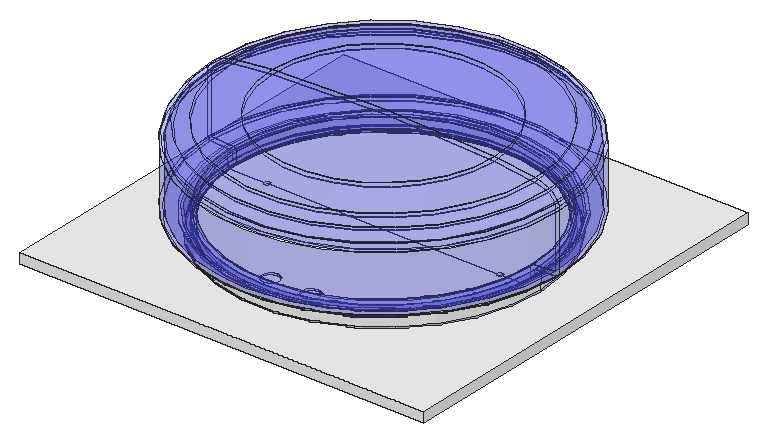
Revit family "BE_50041_de_DE", category Leuchten, Revit 2020
Family settings
  Basisbauteil = Fläche
  Bemaßung runder Anschluss = Durchmesser verwenden
  Teiletyp = Normal
  Beim Laden mit Abzugskörper schneiden = Ja
  Lichtquelle = Ja
  Gemeinsam genutzt = Nein
  Raumberechnungspunkt = Ja
Parameters (values of type "BEGA_50041_K3")
  built-in parameter 1150104 = 11.585 (stored number, unit not read)
  Wattage = 16.8 W
  Default Elevation = 0 mm
  built-in parameter 1150113 = 1 (stored number, unit not read)
  built-in parameter 1114218 = 1 (stored number, unit not read)
  Umgebungstemperatur = "25 °C"
  URL = "https://www.bega.com/de/produkt/50041"
  Typenkommentare = "© 2022 BEGA. Wir behalten uns das Recht vor, technische Änderungen ohne vorherige Ankündigung vorzunehmen."  # constant formula
  built-in parameter 1150134 = (empty or 0)
  built-in parameter 1150109 = 1 (stored number, unit not read)
  Strom = ""
  built-in parameter 1150110 = 1 (stored number, unit not read)
  Spannung = 230 V
  Sonderanfertigung = no
  Seriennummer [instance] = "Hier können Sie die eindeutige Seriennummer für das Facility Management eintragen."
  Schutzklasse = "I"
  Schutzart = "IP 20"
  Scheinlast = 0 VA
  Produktdatenblatt = "http://www.bega.de/download/Xrfa/db/50041.db.de.pdf"
  Oberflächentemperatur = ""
  Neigungswinkel = 0.00°
  Model = "50041K2"
  Material_17 = BEGA_Reflektor
  Material_15 = BEGA_Leuchtmedium_matt
  Material_11 = BEGA_Glas_opal
  Material_09 = BEGA_Glas_klar
  Material_06 = BEGA_Oberfläche_Edelstahl_gebürstet
  Material_03 = BEGA_Oberfläche_Weiss_matt
  Material_02 = BEGA_Oberfläche_Silber_matt
  Material_01 [instance] = BEGA_Oberfläche_Grafit_matt
  M_W = no
  M_G = no
  M_A = no
  Logo = 0
  built-in parameter 1114217 = 1 (stored number, unit not read)
  built-in parameter 1150139 = (empty or 0)
  built-in parameter 1150105 = 166.71 (stored number, unit not read)
  built-in parameter 1150114 = 1 (stored number, unit not read)
  Lumens = 2094.96 lm
  built-in parameter 1150115 = 1 (stored number, unit not read)
  Leuchtenlichtstrom = "1277 lm"
  Leuchtenanzahl = ""
  Lebensdauerkriterien = "L70B50 @ 25 °C = 190000 h"
  Lastklassifizierung = Beleuchtung
  built-in parameter 1150112 = 1 (stored number, unit not read)
  Lampenlichtstrom = "2095 lm"
  Lamp = "LED 16.8 W"
  LED_Modulbezeichnung = "LED-0511/927"
  Hersteller = "BEGA"  # constant formula
  Halbstreuwinkel = ""
  Gewicht = "3.25 kg"
  Gebrauchslageneinschränkung [instance] = ""
  Frequenz = "50 Hz"
  Farbwiedergabeindex = "CRI > 90"
  Farbtemperaturverschiebung bei Dämpfen der Lampe = <Keine Auswahl>
  Farbtemperatur = "2700 K"
  Color Filter = 16777215
  built-in parameter 1150133 = 10 (stored number, unit not read)
  Energieeffizienzklasse = "LED A++ - A"
  built-in parameter 1150137 = (empty or 0)
  built-in parameter 1150132 = (empty or 0)
  ENEC = ""
  Dimmbar [instance] = ""
  Photometric Web File = "BE_50041K2.IES"
  CE_Konformität = "ja"
  Bestellnummer = "50041K2"
  Beschreibung_Sonderanfertigung = "Hier können Sie Informationen zur Sonderanfertigung eintragen."
  Beschreibung = "Decken- und Wandleuchte"
  built-in parameter 1150106 = 1.6671 (stored number, unit not read)
  Befestigungsbohrung = "Ø 5,5 mm"
  Befestigungsabstand = "230 mm"
  Ballwurfsicher = ""
  BEGA_Intern_aus = yes
  BEGA_Intern_an = yes
  BEGA_Intern_Konstruktion = yes
  BEGA_Intern = yes
  BEGA_IES = yes
  BEGA_Dummy = no
  Anschlussleitung = ""
  Anschlussleistung [instance] = "21.9 W"
  Anschlusskasten = ""
  built-in parameter 1150107 = 2700 (stored number, unit not read)
  built-in parameter 1150102 = (empty or 0)
  built-in parameter 1150138 = (empty or 0)
  Aktualisierung = "2020-05-11T04:00:10"
  Abstand_zur_angestrahlten_Fläche [instance] = ""
  AC/DC = "AC"
Types (3, lengths in mm): name | built-in parameter 1150104 | built-in parameter 1150134 | Model | built-in parameter 1150105 | Lumens | Leuchtenlichtstrom | Lampenlichtstrom | LED_Modulbezeichnung | Farbtemperatur | Photometric Web File | Bestellnummer | built-in parameter 1150106 | built-in parameter 1150107
  BEGA_50041_K3 | 11.669 (stored number, unit not read) | (empty or 0) | "50041K3" | 449.72 (stored number, unit not read) | 2110.08 lm | "1473 lm" | "2415 lm" | "LED-0511/930" | "3000 K" | "BE_50041K3.IES" | "50041K3" | 4.4972 (stored number, unit not read) | 3000 (stored number, unit not read)
  BEGA_50041_K4 | 12.077 (stored number, unit not read) | 12 | "50041K4" | 173.8 (stored number, unit not read) | 2184 lm | "1529 lm" | "2510 lm" | "LED-0511/940" | "4000 K" | "BE_50041K4.IES" | "50041K4" | 1.738 (stored number, unit not read) | 4000 (stored number, unit not read)
  BEGA_50041_K27 | 12.077 (stored number, unit not read) | 12 | "50041K27" | 173.8 (stored number, unit not read) | 2184 lm | "1423 lm" | "2335 lm" | "LED-0511/927" | "2700 K" | "BE_50041K27.IES" | "50041K27" | 1.738 (stored number, unit not read) | 4000 (stored number, unit not read)
Reference planes
  plane 1 "Mitte (Vorne/Hinten)": y = 0
  plane 2: z = 0
  plane 3 "Mitte (Links/Rechts)": x = 0
  plane 4 "Links": x = -174
  plane 5 "Rechts": x = 174
  plane 6 "Unten": y = -174
  plane 7 "Oben": y = 174
  plane 8 "Vorne": z = 109.9
  plane 9 "Hinten": z = 0
Forms (mm)
  Extrusion 1, solid, material "BEGA_Platte_Weiss"
    sketch origin (0, -1119.2, 0) x (1, 0, 0) y (0, 1, 0)
      loop
        line (-200, 1319.2) -> (-200, 919.2) -> (200, 919.2) -> (200, 1319.2) -> (-200, 1319.2)
    from 0 to -10
  Extrusion 2, solid, material "BEGA_Dummy_matt", visible <- "BEGA_Dummy"
    sketch origin (77.149, -76.023, 0) x (1, 0, 0) y (0, 1, 0)
      loop
        circle (-77.149, 76.023) r 174.01
    from 0 to 109.9
Dimensions and locks
  plane 1 "Mitte (Vorne/Hinten)" to Extrusion 1 = 200 mm
  aligned and locked: plane 2 to Extrusion 1
  aligned and locked: level to Extrusion 1
Nested families
  nested 1: "BE_50041" at (0, 0, 0) x (0, -1, 0) z (0, 0, 1), type "BE_50041"
Connectors
  electrical at (0, 0, 0), driven by "Lastklassifizierung", driven by "Spannung", driven by "Scheinlast"
    settings: index 1, voltage 230 V, apparent load 0 VA, apparent load phase1 0 VA, apparent load phase2 0 VA, apparent load phase3 0 VA, power factor 1, load classification "Beleuchtung", number of poles 1, system type 31, power factor state 1, is connector primary yes, connector utility no, sub classification motor no, connector description ""
Definition of nested family "BE_50041"
  Parameters (values of type "BE_50041")
    Default Elevation = 1 mm
    URL = "http://www.bega.de/de/produkt"
    Type Comments = "© 2015 BEGA. Wir behalten uns das Recht vor, technische Änderungen ohne vorherige Ankündigung vorzunehmen. "  # constant formula
    Type Image = (empty or 0)
    Neigungswinkel_um_Z2 = 0.00°
    Neigungswinkel_um_Z1 = 0.00°
    Neigungswinkel_um_Y2 = 0.00°
    Neigungswinkel_um_Y1 = 0.00°
    Neigungswinkel_um_X2 = 0.00°
    Neigungswinkel_um_X1 = 0.00°
    Material_17 = none
    Material_15 = none
    Material_11 = none
    Material_09 = none
    Material_06 = none
    Material_05 = none
    Material_03 = none
    Material_02 = none
    Material_01 = none
    M_W = yes
    M_G = yes
    M_A = yes
    Länge_Platte = 400 mm  # constant formula
    Höhe_Platte = -10 mm  # constant formula
    Manufacturer = "BEGA"  # constant formula
    Drehwinkel_um_Z2 = 0.00°
    Drehwinkel_um_Z1 = 0.00°
    Breite_Platte = 400 mm  # constant formula
  Reference planes
    plane 1 "Mitte (Oben/Unten)": y = 0
    plane 2: z = 0
    plane 3 "Mitte (Links/Rechts)": x = 0
    plane 4: y = 174
    plane 5: z = 109.9
    plane 6: y = -174
    plane 7: x = -174
    plane 8: x = 174
  Forms (mm)
    Extrusion 1, solid, detail levels medium
      sketch origin (0, 0, 0) x (1, 0, 0) y (0, 1, 0)
        loop
          line (-200, 200) -> (-200, -200) -> (200, -200) -> (200, 200) -> (-200, 200)
      from 0 to -10 <- "Höhe_Platte"
    Revolve 2, solid, material <- "Material_03", detail levels medium+fine
      sketch origin (0, 0, 0) x (0, 1, 0) y (0, 0, 1)
        loop
          line (159, 19.8) -> (159, 20.8) -> (156.831, 20.8)
          arc (156.831, 20.8) -> (155.563, 20.284) -> (155.024, 19.025) r 1.8
          line (155.024, 19.025) -> (154.767, 4.283)
          arc (154.767, 4.283) -> (154.468, 3.587) -> (153.767, 3.3) r 1
          line (153.767, 3.3) -> (0, 3.3) -> (0, 2.3) -> (153.767, 2.3)
          arc (153.767, 2.3) -> (155.169, 2.873) -> (155.767, 4.265) r 2
          line (155.767, 4.265) -> (156.024, 19.01)
          arc (156.024, 19.01) -> (156.264, 19.571) -> (156.829, 19.8) r 0.8
          line (156.829, 19.8) -> (159, 19.8)
        axis (0, 2.3) -> (0, 20.8)
      angle from 0 to 360
    Revolve 3, solid, material <- "Material_03", detail levels medium+fine
      sketch origin (0, 0, 0) x (0, 1, 0) y (0, 0, 1)
        loop
          arc (124.13, 1.943) -> (124.474, 2.206) -> (124.896, 2.3) r 1
          line (124.896, 2.3) -> (125.896, 3.3) -> (117.75, 3.3) -> (117.75, 0) -> (121.108, 0)
          arc (121.108, 0) -> (122.369, 0.281) -> (123.395, 1.067) r 3
          line (123.395, 1.067) -> (124.13, 1.943)
        axis (115, 3.3) -> (115, 0)
      angle from 0 to 360
    Extrusion 4, void
      sketch origin (0, 0, 0) x (1, 0, 0) y (0, 1, 0)
        loop
          circle (115, 20) r 8.5
        loop
          circle (0, 115) r 2.75
        loop
          circle (0, -115) r 2.75
        loop
          circle (115, -20) r 8.5
      from 0 to 7.205
    Revolve 5, solid, material <- "Material_11", detail levels medium+fine
      sketch origin (0, 0, 0) x (0, 1, 0) y (0, 0, 1)
        loop
          arc (150.036, 101.343) -> (130.076, 104.141) -> (110.006, 106.001) r 430
          arc (110.006, 106.001) -> (55.038, 108.925) -> (0, 109.9) r 1553.99
          line (0, 109.9) -> (0, 105.9)
          arc (0, 105.9) -> (54.9, 104.927) -> (109.731, 102.01) r 1549.989
          arc (109.731, 102.01) -> (129.596, 100.17) -> (149.352, 97.401) r 426
          arc (149.352, 97.401) -> (156.196, 95.732) -> (162.704, 93.037) r 46
          arc (162.704, 93.037) -> (166.507, 90.109) -> (168.988, 86) r 13
          arc (168.988, 86) -> (169.743, 83.257) -> (170, 80.424) r 16
          line (170, 80.424) -> (170, 25.506) -> (148.791, 24.394)
          arc (148.791, 24.394) -> (146.425, 23.461) -> (145.1, 21.289) r 4
          line (145.1, 21.289) -> (145.1, 11.074)
          arc (145.1, 11.074) -> (145.5, 9.577) -> (146.592, 8.479) r 3.001
          line (146.592, 8.479) -> (148.263, 7.514)
          arc (148.263, 7.514) -> (149.358, 6.407) -> (149.75, 4.9) r 3.002
          line (149.75, 4.9) -> (153.75, 4.9) -> (153.75, 8.384)
          arc (153.75, 8.384) -> (153.617, 8.887) -> (153.25, 9.256) r 1
          line (153.25, 9.256) -> (149.499, 11.421)
          arc (149.499, 11.421) -> (149.133, 11.787) -> (148.999, 12.287) r 1
          line (148.999, 12.287) -> (149, 19.451)
          arc (149, 19.451) -> (149.272, 20.136) -> (149.94, 20.449) r 1
          line (149.94, 20.449) -> (171.157, 21.561)
          arc (171.157, 21.561) -> (173.176, 22.492) -> (174, 24.557) r 3
          line (174, 24.557) -> (174, 80.418)
          arc (174, 80.418) -> (173.68, 83.965) -> (172.735, 87.4) r 20
          arc (172.735, 87.4) -> (169.48, 92.785) -> (164.489, 96.617) r 17
          arc (164.489, 96.617) -> (157.443, 99.532) -> (150.036, 101.343) r 50
        axis (0, 109.9) -> (0, 4.9)
      angle from 0 to 360
    Revolve 6, solid, material <- "Material_03", detail levels medium+fine
      sketch origin (0, 0, 0) x (0, -1, 0) y (0, 0, 1)
        loop
          arc (124.13, 1.943) -> (124.474, 2.206) -> (124.896, 2.3) r 1
          line (124.896, 2.3) -> (125.896, 3.3) -> (117.75, 3.3) -> (117.75, 0) -> (121.108, 0)
          arc (121.108, 0) -> (122.369, 0.281) -> (123.395, 1.067) r 3
          line (123.395, 1.067) -> (124.13, 1.943)
        axis (115, 3.3) -> (115, 0)
      angle from 0 to 360
  Cuts and joins
    Extrusion 4 cuts Revolve 2
    Extrusion 4 cuts Revolve 3
    joined: Revolve 2, Revolve 3, Revolve 6
  Dimensions and locks
    equal spacing: Extrusion 1 sketch curve, plane 3 "Mitte (Links/Rechts)", Extrusion 1 sketch curve
    equal spacing: Extrusion 1 sketch curve, plane 1 "Mitte (Oben/Unten)", Extrusion 1 sketch curve
    "Länge_Platte": Extrusion 1 sketch curve to Extrusion 1 sketch curve
    "Breite_Platte": Extrusion 1 sketch curve to Extrusion 1 sketch curve
    aligned and locked: plane 2 to Extrusion 1
    aligned and locked: level to Extrusion 1
  Automatic sketch dimensions
    Revolve 2 sketch curve to Revolve 2 sketch curve = 0 mm  (x10)
    Revolve 2 sketch curve to plane 1 "Mitte (Oben/Unten)" = 0 mm  (x2)
    level to Revolve 2 sketch curve = 4.3 mm
    level to Revolve 2 sketch curve = 4.283 mm
    Revolve 2 sketch curve to Revolve 2 sketch curve = 1 mm  (x4)
    Revolve 2 sketch curve to Revolve 2 sketch curve = 0.257 mm
    level to Revolve 2 sketch curve = 4.265 mm
    Revolve 2 sketch curve to Revolve 2 sketch curve = 0.8 mm
    Revolve 2 sketch curve to Revolve 2 sketch curve = 0.004 mm
    Revolve 2 sketch curve to Revolve 2 sketch curve = 0.002 mm
    Revolve 2 sketch curve to Revolve 2 sketch curve = 2.169 mm
    Revolve 2 sketch curve to Revolve 2 sketch curve = 14.735 mm
    Revolve 2 sketch curve to Revolve 2 sketch curve = 0.01 mm
    Revolve 2 sketch curve to Revolve 2 sketch curve = 0.015 mm
    Revolve 2 sketch curve to Revolve 2 sketch curve = 4 mm
    Revolve 3 sketch curve to level = 0 mm
    level to Revolve 3 sketch curve = 3.3 mm
    Revolve 3 sketch curve to Revolve 3 sketch curve = 3.351 mm
    Revolve 3 sketch curve to Revolve 3 sketch curve = 0.007 mm
    level to Revolve 3 sketch curve = 1.067 mm
    level to Revolve 3 sketch curve = 1.3 mm
    Revolve 3 sketch curve to Revolve 3 sketch curve = 1 mm  (x2)
    Revolve 3 sketch curve to Revolve 3 sketch curve = 2.75 mm
    Revolve 3 sketch curve to Revolve 3 sketch curve = 0.766 mm
    Revolve 3 sketch curve to Revolve 3 sketch curve = 0 mm  (x3)
    Revolve 3 sketch curve to level = 2.001 mm
    Revolve 3 sketch curve to Revolve 3 sketch curve = 2 mm
    Revolve 6 sketch curve to level = 0 mm
    Revolve 6 sketch curve to level = 3.3 mm
    Revolve 6 sketch curve to Revolve 6 sketch curve = 3.351 mm
    Revolve 6 sketch curve to Revolve 6 sketch curve = 0.007 mm
    Revolve 6 sketch curve to level = 1.067 mm
    Revolve 6 sketch curve to level = 1.3 mm
    Revolve 6 sketch curve to Revolve 6 sketch curve = 1 mm  (x2)
    Revolve 6 sketch curve to Revolve 6 sketch curve = 2.75 mm
    Revolve 6 sketch curve to Revolve 6 sketch curve = 0.766 mm
    Revolve 6 sketch curve to Revolve 6 sketch curve = 0 mm  (x3)
    level to Revolve 6 sketch curve = 2.001 mm
    Revolve 6 sketch curve to Revolve 6 sketch curve = 2 mm
    Extrusion 4 sketch curve to plane 3 "Mitte (Links/Rechts)" = 0 mm  (x2)
    plane 1 "Mitte (Oben/Unten)" to Extrusion 4 sketch curve = 20 mm
    Extrusion 4 sketch curve to plane 1 "Mitte (Oben/Unten)" = 20 mm
    Revolve 5 sketch curve to Revolve 5 sketch curve = 0 mm  (x33)
    plane 1 "Mitte (Oben/Unten)" to Revolve 5 sketch curve = 0.01 mm
    plane 1 "Mitte (Oben/Unten)" to Revolve 5 sketch curve = 0 mm
    level to Revolve 5 sketch curve = 8.479 mm
    Revolve 5 sketch curve to Revolve 5 sketch curve = 1.492 mm
    Revolve 5 sketch curve to Revolve 5 sketch curve = 0.156 mm
    Revolve 5 sketch curve to Revolve 5 sketch curve = 1.509 mm
    level to Revolve 5 sketch curve = 7.514 mm
    Revolve 5 sketch curve to Revolve 5 sketch curve = 1.671 mm
    Revolve 5 sketch curve to Revolve 5 sketch curve = 3.9 mm
    level to Revolve 5 sketch curve = 11.421 mm
    Revolve 5 sketch curve to Revolve 5 sketch curve = 1.397 mm
    Revolve 5 sketch curve to Revolve 5 sketch curve = 3.001 mm
    Revolve 5 sketch curve to Revolve 5 sketch curve = 0.94 mm
    Revolve 5 sketch curve to Revolve 5 sketch curve = 1 mm  (x3)
    Revolve 5 sketch curve to Revolve 5 sketch curve = 0.501 mm
    Revolve 5 sketch curve to Revolve 5 sketch curve = 3.251 mm
    Revolve 5 sketch curve to Revolve 5 sketch curve = 2.81 mm
    Revolve 5 sketch curve to Revolve 5 sketch curve = 20.06 mm
    Revolve 5 sketch curve to Revolve 5 sketch curve = 4 mm  (x2)
    Revolve 5 sketch curve to Revolve 5 sketch curve = 2.591 mm
    Revolve 5 sketch curve to level = 322.977 mm
    Revolve 5 sketch curve to Revolve 5 sketch curve = 1121.112 mm
    Revolve 5 sketch curve to Revolve 5 sketch curve = 0.001 mm
    Revolve 5 sketch curve to Revolve 5 sketch curve = 3.485 mm
    Revolve 5 sketch curve to Revolve 5 sketch curve = 0.005 mm
    Revolve 5 sketch curve to Revolve 5 sketch curve = 0.348 mm
    Revolve 5 sketch curve to Revolve 5 sketch curve = 0.866 mm
    Revolve 5 sketch curve to Revolve 5 sketch curve = 7.164 mm
    Revolve 5 sketch curve to Revolve 5 sketch curve = 0.049 mm
    Revolve 5 sketch curve to Revolve 5 sketch curve = 0.889 mm
    Revolve 5 sketch curve to Revolve 5 sketch curve = 4.108 mm
    Revolve 5 sketch curve to Revolve 5 sketch curve = 0.949 mm
    Revolve 5 sketch curve to Revolve 5 sketch curve = 28.392 mm
    Revolve 5 sketch curve to Revolve 5 sketch curve = 0.006 mm
    Revolve 5 sketch curve to Revolve 5 sketch curve = 1.05 mm
    Revolve 5 sketch curve to Revolve 5 sketch curve = 0.275 mm
    Revolve 5 sketch curve to Revolve 5 sketch curve = 0.209 mm
    Revolve 5 sketch curve to Revolve 5 sketch curve = 0.5 mm  (x2)
    Revolve 5 sketch curve to Revolve 5 sketch curve = 0.683 mm
    level to Revolve 5 sketch curve = 9.256 mm
    Revolve 5 sketch curve to Revolve 5 sketch curve = 5.894 mm
    Revolve 5 sketch curve to Revolve 5 sketch curve = 1.785 mm
    Revolve 5 sketch curve to Revolve 5 sketch curve = 1.012 mm
    Revolve 5 sketch curve to Revolve 5 sketch curve = 0.157 mm
    level to Revolve 5 sketch curve = 21.561 mm
    Revolve 5 sketch curve to Revolve 5 sketch curve = 3.747 mm
    Revolve 5 sketch curve to Revolve 5 sketch curve = 27.614 mm
    Revolve 5 sketch curve to Revolve 5 sketch curve = 1.032 mm
    level to Revolve 5 sketch curve = 105.9 mm
    Revolve 5 sketch curve to Revolve 5 sketch curve = 13.352 mm
    Revolve 5 sketch curve to Revolve 5 sketch curve = 40 mm
    plane 3 "Mitte (Links/Rechts)" to Extrusion 4 sketch curve = 115 mm
    Extrusion 4 sketch curve to Extrusion 4 sketch curve = 0 mm
    plane 4 to Revolve 2 sketch curve = 20.233 mm
    plane 4 to Revolve 3 sketch curve = 56.25 mm
    Revolve 3 sketch curve to Revolve 3 sketch curve = 2.287 mm
    Revolve 3 sketch curve to Revolve 3 sketch curve = 1.501 mm
    plane 4 to Extrusion 4 sketch curve = 59 mm
    Revolve 5 sketch curve to plane 4 = 0 mm
    Revolve 5 sketch curve to plane 1 "Mitte (Oben/Unten)" = 80.374 mm
    Revolve 5 sketch curve to Revolve 5 sketch curve = 6.887 mm
    Revolve 5 sketch curve to Revolve 5 sketch curve = 14.988 mm
    plane 5 to Revolve 5 sketch curve = 7.89 mm
    plane 6 to Extrusion 4 sketch curve = 59 mm
    Revolve 6 sketch curve to plane 6 = 56.25 mm
    Revolve 6 sketch curve to Revolve 6 sketch curve = 2.287 mm
    Revolve 6 sketch curve to Revolve 6 sketch curve = 1.501 mm
    radius of Extrusion 4 sketch curve = 8.5 mm  (x2)
    radius of Extrusion 4 sketch curve = 2.75 mm  (x2)
